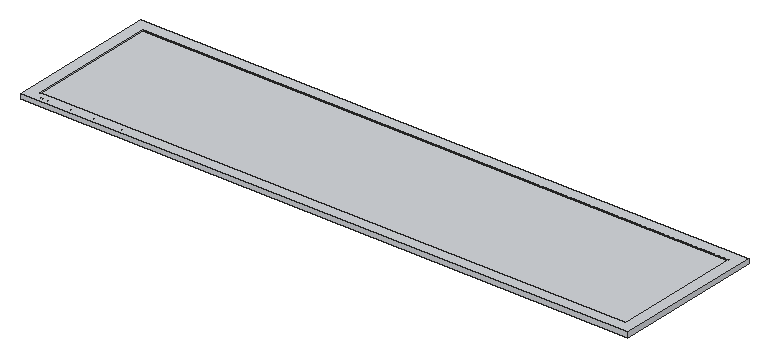
Revit family "0041287", category Lighting Fixtures, host Face, Revit 2017
Family settings
  Host = Face
  Round Connector Dimension = Use Diameter
  Part Type = Normal
  OmniClass Number = 23.80.70.00
  OmniClass Title = Lighting
  Cut with Voids When Loaded = No
  Light Source = Yes
  Shared = No
  Room Calculation Point = No
Parameters (values of type "0041287 START PANEL UGR19 1200X300 3300 940 LILO")
  Weight = "102.0 kg"
  Wattage Comments = ""
  Wattage = 34 W
  WarrantyStartDate [instance] = "n/a"
  WarrantyGuarantorParts = "n/a"
  WarrantyDurationUnit = "n/a"
  WarrantyDurationParts = "n/a"
  WarrantyDescription = "n/a"
  WIDTH_SYL = 147.5 mm
  built-in parameter 1150110 = 1 (stored number, unit not read)
  Voltage = 0 V
  URL = "http://www.sylvania-lighting.com"
  TypeName = "START Panel UGR19 1200x300 3300lm 940 LILO"
  Type Image = <None>
  Type Comments = "n/a"
  built-in parameter 1114217 = 1 (stored number, unit not read)
  Tilt Angle = -90.00°
  built-in parameter 1150109 = 1 (stored number, unit not read)
  built-in parameter 1150134 = 12
  TOP__WIDTH_SYL = 545 mm
  TOP_WIDTH_SYL = 265 mm
  TOP_DEPTH_SYL = 95 mm
  built-in parameter 1150113 = 1 (stored number, unit not read)
  SerialNumber [instance] = "n/a"
  Photometric Web File = "0041287.ies"
  Material_3_SYL = none
  PowerFactor = 0.9
  PowerConsumption = "34 W"
  NominalLength = 1195 mm
  NominalHeight = 35 mm
  NominalDepth = 295 mm
  Name = "START Panel UGR19 1200x300 3300lm 940 LILO"
  ModelReference = Name  # "START Panel UGR19 1200x300 3300lm 940 LILO"
  ModelNumber = "0041287"
  Model = Name  # "START Panel UGR19 1200x300 3300lm 940 LILO"
  Material = "aluminium,steel housing, other diffuser"
  ManufacturerName = "Feilo Sylvania"
  Manufacturer = "Feilo Sylvania"
  MAINHEIGHT_SYL = 63 mm
  LuminousEfficacy = "97 lm/W"
  built-in parameter 1150105 = 262.45 (stored number, unit not read)
  Lumens = 3298 lm
  LuminaireType = ""
  built-in parameter 1150115 = 1 (stored number, unit not read)
  LightOutputRatio = "n/a"
  built-in parameter 1150137 = (empty or 0)
  built-in parameter 1150139 = (empty or 0)
  LampsType = Lamp  # "LED"
  LampNominalLuminous = "3300 lm"
  LampMacAdamStep = "3"
  LampColourTemperature = "4000 K"
  LampColourRenderingIndex = "90"
  built-in parameter 1150112 = 1 (stored number, unit not read)
  built-in parameter 1150114 = 1 (stored number, unit not read)
  Lamp = "LED"
  LUMWIDTH_SYL = 576.5 mm
  LUMDEPTH_SYL = 126.5 mm
  Keynote = "16500"
  InstallationDate [instance] = "n/a"
  InputVoltage = "n/a"
  InputNominalFrequency = "n/a"
  built-in parameter 1150132 = (empty or 0)
  built-in parameter 1150102 = (empty or 0)
  built-in parameter 1150107 = 4000 (stored number, unit not read)
  built-in parameter 1150138 = (empty or 0)
  IngressProtection = "IP40/20"
  ImpactProtectionIndex = "IK03"
  built-in parameter 1150106 = 2.6245 (stored number, unit not read)
  IfcExportType = "IfcLightFixtureType"
  IfcExportAs = "IfcLightFixtureType"
  HEIGHT_SYL = 33 mm
  HEIGHTBOTT_SYL = 7 mm
  Emit from Circle Diameter = 609.6 mm
  Emit Shape Visible in Rendering = no
  ElectricShockClassification = "Class II"
  built-in parameter 1150104 = 9.0116 (stored number, unit not read)
  DocumentationLiterature = "http://www.sylvania-lighting.com/product/en-int/products/0041287"
  DimmingControlOptions = "n/a"
  Material_2_SYL = none
  Dimming Lamp Color Temperature Shift = <None>
  Description = ""
  Default Elevation = 1219.2 mm
  DEPTH_SYL = 597.5 mm
  CreatedOn = "9/16/2020"
  CreatedBy = "@sylvania-lighting.com"
  Cost = 0
  Color Filter = 16777215
  built-in parameter 1114216 [instance] = (empty or 0)
  ClassificationValue = "EF_70_80"
  ClassificationName = "Uniclass2015"
  Material_1_SYL = none
  BarCode [instance] = "n/a"
  built-in parameter 1114218 = 1 (stored number, unit not read)
  BOX_WIDTH_SYL = 40 mm
  built-in parameter 1150133 = 10 (stored number, unit not read)
  AssetType = "Fixed"
  AssetIdentifier [instance] = "n/a"
  Assembly Code = "D5020200"
  Apparent Load = 34 VA
  Material_4_SYL = none
  -LUMDEPTH_SYL = LUMDEPTH_SYL * (-1)  # -126.5 mm
  -BOX_WIDTH_SYL = BOX_WIDTH_SYL * (-1)  # -40 mm
Reference planes
  plane 1 "Center (Front/Back)": y = 0
  plane 2: z = 0
  plane 3 "Center (Left/Right)": x = 0
  plane 4: z = -33
  plane 5: z = -7
  plane 6: z = -63
  plane 7: x = 597.5
  plane 8: x = -597.5
  plane 9: y = 147.5
  plane 10: y = -147.5
  plane 11: x = 576.5
  plane 12: x = -576.5
  plane 13: y = -126.5
  plane 14: y = 126.5
  plane 15: y = -265
  plane 16: y = 265
  plane 17: x = -40
  plane 18: x = 40
  plane 19: x = 0
  plane 20: x = -545
  plane 21: x = 545
  plane 22: y = -95
  plane 23: y = 95
Forms (mm)
  Extrusion 1, solid
    sketch origin (0, 0, 0) x (1, 0, 0) y (0, 1, 0)
      loop
        line (-597.5, 147.5) -> (-597.5, -147.5) -> (597.5, -147.5) -> (597.5, 147.5) -> (-597.5, 147.5)
    from -7 to 2
  Extrusion 2, void
    sketch origin (0, 0, 0) x (1, 0, 0) y (0, 1, 0)
      loop
        line (-576.5, 126.5) -> (-576.5, -126.5) -> (576.5, -126.5) -> (576.5, 126.5) -> (-576.5, 126.5)
    from 0 to 2
  Extrusion 3, solid
    sketch origin (0, 0, 0) x (1, 0, 0) y (0, 0, 1)
      loop
        line (-576.5, -7) -> (-545, -33) -> (545, -33) -> (576.5, -7) -> (-576.5, -7)
    from -126.5 <- "-LUMDEPTH_SYL" to 126.5 <- "LUMDEPTH_SYL"
  Extrusion 4, void
    sketch origin (319, 1524, 1219.2) x (0, 1, 0) y (0, 0, 1)
      loop
        line (-1397.5, -1226.2) -> (-1429, -1252.2) -> (-1397.5, -1252.2) -> (-1397.5, -1226.2)
      loop
        line (-1650.5, -1226.2) -> (-1650.5, -1252.2) -> (-1619, -1252.2) -> (-1650.5, -1226.2)
    from -1000 to 1000
Cuts and joins
  Extrusion 2 cuts Extrusion 1
  Extrusion 4 cuts Extrusion 3
  joined: Extrusion 1, Extrusion 3
Dimensions and locks
  "HEIGHT_SYL": host face to plane 4
  "HEIGHTBOTT_SYL": host face to plane 5
  "MAINHEIGHT_SYL": host face to plane 6
  "DEPTH_SYL": plane 8 to plane 3 "Center (Left/Right)" to plane 7
  "WIDTH_SYL": plane 10 to plane 1 "Center (Front/Back)" to plane 9
  "LUMWIDTH_SYL": plane 12 to plane 3 "Center (Left/Right)" to plane 11
  "LUMDEPTH_SYL": plane 13 to plane 1 "Center (Front/Back)" to plane 14
  "TOP_WIDTH_SYL": plane 16 to imposter light to plane 15
  "BOX_WIDTH_SYL": plane 17 to imposter light to plane 18
  "TOP__WIDTH_SYL": plane 20 to imposter light to plane 21
  "TOP_DEPTH_SYL": plane 23 to imposter light to plane 22
  aligned and locked: plane 2 to host face
  aligned and locked: level to host face
  aligned and locked: Extrusion 1 sketch curve to plane 9
  aligned and locked: plane 8 to Extrusion 1 sketch curve
  aligned and locked: Extrusion 1 sketch curve to plane 10
  aligned and locked: Extrusion 1 sketch curve to plane 7
  aligned and locked: plane 14 to Extrusion 2 sketch curve
  aligned and locked: plane 12 to Extrusion 2 sketch curve
  aligned and locked: Extrusion 2 sketch curve to plane 13
  aligned and locked: Extrusion 2 sketch curve to plane 11
Automatic sketch dimensions
  host sketch curve to host sketch curve = 2438.4 mm  (x2)
  Extrusion 3 sketch curve to plane 5 = 0 mm
  Extrusion 3 sketch curve to plane 12 = 0 mm
  Extrusion 3 sketch curve to plane 4 = 0 mm
  plane 20 to Extrusion 3 sketch curve = 0 mm
  plane 21 to Extrusion 3 sketch curve = 0 mm
  Extrusion 3 sketch curve to plane 11 = 0 mm
  Extrusion 4 sketch curve to plane 13 = 0 mm
  plane 4 to Extrusion 4 sketch curve = 0 mm  (x2)
  Extrusion 4 sketch curve to plane 22 = 0 mm
  Extrusion 4 sketch curve to plane 23 = 0 mm
  Extrusion 4 sketch curve to plane 14 = 0 mm
  plane 5 to Extrusion 4 sketch curve = 0 mm  (x2)
